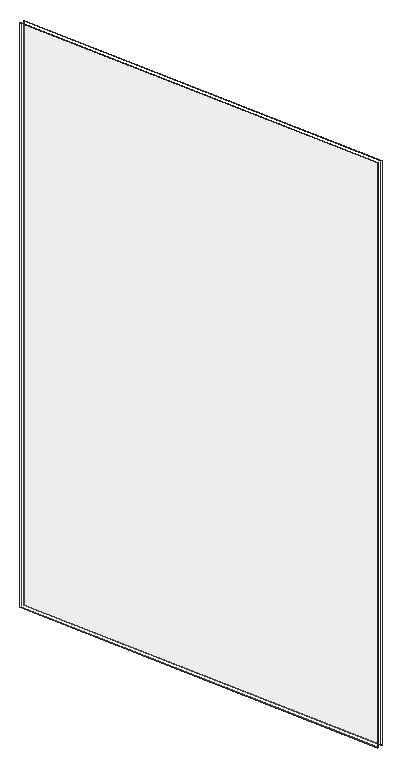
Revit family "Building-Materials_Glass-Glazing_Vitro-Architectural-Glass_SUNGATE-400", category Curtain Panels, Revit 2026
Family settings
  Classification Number = 23.25.20.14.11.11.17
  Always vertical = Yes
  Cut with Voids When Loaded = No
  Shared = No
Parameters (values of type "Sungate 400 (2) Starphire + Starphire")
  Visual Light Transmittance = if(Glass Code = 1, 0.58, if(Glass Code = 2, 0.59, if(Glass Code = 3, 0.76, if(Glass Code = 4, 0.08, if(Glass Code = 5, 0.54, if(Glass Code = 6, 0.37, if(Glass Code = 7, 0.48, if(Glass Code = 8, 0.46, if(Glass Code = 9, 0.38, if(Glass Code = 10, 0.66, if(Glass Code = 11, 0.76, if(Glass Code = 12, 0.8, 0))))))))))))  # 0.8
  UV Light Transmittance = 0.39
  URL = "https://www.vitroglazings.com/"
  U-Value Argon (Winter Night) = 0.2800 BTU/(h·ft²·°F)
  U-Value Argon (Summer Day) = 0.2600 BTU/(h·ft²·°F)
  U-Value Air (Winter Night) = 0.3200 BTU/(h·ft²·°F)
  U-Value Air (Summer Day) = 0.3100 BTU/(h·ft²·°F)
  Total Thickness = Airspace Thickness + [1st Lite Thickness] + [2nd Lite Thickness]  # 0' - 1"
  Thermal Resistance (R) = 8.3333 (h·ft²·°F)/BTU  # constant formula
  Solar Light Transmittance = 0.65
  Solar Heat Gain Coefficient = if(Glass Code = 1, 0.35, if(Glass Code = 2, 0.34, if(Glass Code = 3, 0.63, if(Glass Code = 4, 0.15, if(Glass Code = 5, 0.46, if(Glass Code = 6, 0.3, if(Glass Code = 7, 0.42, if(Glass Code = 8, 0.44, if(Glass Code = 9, 0.39, if(Glass Code = 10, 0.44, if(Glass Code = 11, 0.6, if(Glass Code = 12, 0.68, 0))))))))))))  # 0.68
  Shadow Coefficient = 0.78
  Reflectance (Visible Interior) = 14
  Reflectance (Visible Exterior) = 14
  Product data url = "https://www.bimobject.com/vitroarchictecturalglass/product/sungate-400-glass"
  Product Page URL = "https://www.vitroglazings.com/products/low-e-glass/sungate-400-glass/"
  Product Guid = "95ddba30-f4e3-49e2-a1af-625feb5badd1"
  Model = "Sungate 400 (2) Starphire + Starphire"
  Manufacturer = "Vitro Architectural Glass "  # constant formula
  Light to Solar Gain = 1.18
  Keynote = "08900"  # constant formula
  Interior Glass Material = Vitro Architectural-Glass - Starphire
  ISO Damage Weighted Transmittance = 0.675
  Heat Transfer Coefficient (U) = 0.2900 BTU/(h·ft²·°F)  # constant formula
  Glass Code = 12
  Finish = "Glass"  # constant formula
  Exterior Glass Material = Vitro Architectural-Glass - Sungate 400 (2) Starphire
  Description = "Manufactured with a magnetron sputtered vacuum deposition (MSVD) “soft coat,” Sungate® 400 glass helps buildings harvest energy from the sun and retain solar and furnace heat to reduce winter heating costs. Sungate® 400 delivers a winter U-value that is 9 percent higher than passive low‑e glasses manufactured with a “hard” pyrolytic coating."  # constant formula
  Define Thermal Properties by = Schematic Type
  Assembly Code = "B2020220"
  Analytic Construction = "Low-E double glazing (1/4 in + 1/4 in)"
  Airspace Thickness = 0' - 0 1/2"  # constant formula
  2nd Lite Thickness = 0' - 0 1/4"  # constant formula
  1st Lite Thickness = 0' - 0 1/4"  # constant formula
Types (12): name | Visual Light Transmittance | UV Light Transmittance | Solar Light Transmittance | Solar Heat Gain Coefficient | Shadow Coefficient | Reflectance (Visible Interior) | Reflectance (Visible Exterior) | Model | Light to Solar Gain | Interior Glass Material | ISO Damage Weighted Transmittance | Glass Code | Exterior Glass Material
  Sungate 400 (2) Clear + Clear | 0.76 | 0.28 | 0.51 | 0.6 | 0.69 | 14 | 14 | "Sungate 400 (2) Clear + Clear" | 1.27 | Vitro Architectural-Glass - Clear | 0.614 | 11 | Vitro Architectural-Glass - Sungate 400 (2) Clear
  Clear + Sungate 400 (3) Clear | 0.76 | 0.28 | 0.51 | 0.63 | 0.73 | 14 | 14 | "Clear + Sungate 400 (3) Clear" | 1.21 | Vitro Architectural-Glass - Sungate 400 (3) Clear | 0.614 | 3 | Vitro Architectural-Glass - Clear
  Sungate 400 (2) Starphire + Starphire | 0.8 | 0.39 | 0.65 | 0.68 | 0.78 | 14 | 14 | "Sungate 400 (2) Starphire + Starphire" | 1.18 | Vitro Architectural-Glass - Starphire | 0.675 | 12 | Vitro Architectural-Glass - Sungate 400 (2) Starphire
  Solexia + Sungate 400 (3) Clear | 0.66 | 0.15 | 0.33 | 0.44 | 0.5 | 13 | 11 | "Solexia + Sungate 400 (3) Clear" | 1.5 | Vitro Architectural-Glass - Sungate 400 (3) Clear | 0.5 | 10 | Vitro Architectural-Glass - Solexia
  Atlantica + Sungate 400 (3) Clear | 0.58 | 0.08 | 0.25 | 0.35 | 0.4 | 12 | 9 | "Atlantica + Sungate 400 (3) Clear" | 1.66 | Vitro Architectural-Glass - Sungate 400 (3) Clear | 0.409 | 1 | Vitro Architectural-Glass - Atlantica
  Azuria + Sungate 400 (3) Clear | 0.59 | 0.2 | 0.25 | 0.34 | 0.39 | 12 | 10 | "Azuria + Sungate 400 (3) Clear" | 1.74 | Vitro Architectural-Glass - Sungate 400 (3) Clear | 0.505 | 2 | Vitro Architectural-Glass - Azuria
  Solarbronze + Sungate 400 (3) Clear | 0.46 | 0.12 | 0.32 | 0.44 | 0.5 | 12 | 8 | "Solarbronze + Sungate 400 (3) Clear" | 1.05 | Vitro Architectural-Glass - Sungate 400 (3) Clear | 0.34 | 8 | Vitro Architectural-Glass - Solarbronze
  Solargray + Sungate 400 (3) Clear | 0.38 | 0.12 | 0.27 | 0.39 | 0.44 | 12 | 7 | "Solargray + Sungate 400 (3) Clear" | 0.97 | Vitro Architectural-Glass - Sungate 400 (3) Clear | 0.316 | 9 | Vitro Architectural-Glass - Solargray
  Graylite II + Sungate 400 (3) Clear | 0.08 | 0.01 | 0.05 | 0.15 | 0.17 | 11 | 4 | "Graylite II + Sungate 400 (3) Clear" | 0.53 | Vitro Architectural-Glass - Sungate 400 (3) Clear | 0.06 | 4 | Vitro Architectural-Glass - Graylite II
  Solarblue + Sungate 400 (3) Clear | 0.48 | 0.15 | 0.31 | 0.42 | 0.49 | 12 | 8 | "Solarblue + Sungate 400 (3) Clear" | 1.14 | Vitro Architectural-Glass - Sungate 400 (3) Clear | 0.429 | 7 | Vitro Architectural-Glass - Solarblue
  Pacifica + Sungate 400 (3) Clear | 0.37 | 0.07 | 0.19 | 0.3 | 0.34 | 11 | 7 | "Pacifica + Sungate 400 (3) Clear" | 1.23 | Vitro Architectural-Glass - Sungate 400 (3) Clear | 0.337 | 6 | Vitro Architectural-Glass - Pacifica
  Optigray + Sungate 400 (3) Clear | 0.54 | 0.16 | 0.34 | 0.46 | 0.52 | 12 | 9 | "Optigray + Sungate 400 (3) Clear" | 1.17 | Vitro Architectural-Glass - Sungate 400 (3) Clear | 0.428 | 5 | Vitro Architectural-Glass - Optigray
Reference planes (in)
  plane 1 "Front": y = 0
  plane 2: z = 0
  plane 3 "Center (Left/Right)": x = 0
  plane 4 "Left": x = -32.75106
  plane 5 "Right": x = 32.75106
  plane 6 "Top": z = 96
  plane 7: y = 0.25
  plane 8: y = -0.25
Forms (in)
  Extrusion 1, solid, material "Vitro Architectural-Glass - Starphire" <- "Interior Glass Material"
    sketch origin (0, 0.5, 0) x (1, 0, 0) y (0, 1, 0)
      loop
        line (-32.75106, 0) -> (-32.75106, -0.25) -> (32.75106, -0.25) -> (32.75106, 0) -> (-32.75106, 0)
    from 0 to 96
  Extrusion 2, solid, material "Vitro Architectural-Glass - Sungate 400 (2) Starphire" <- "Exterior Glass Material"
    sketch origin (0, -0.5, 0) x (1, 0, 0) y (0, 1, 0)
      loop
        line (-32.75106, 0.25) -> (-32.75106, 0) -> (32.75106, 0) -> (32.75106, 0.25) -> (-32.75106, 0.25)
    from 0 to 96
Text (in)
  text "Exterior" at (-54.29358, 31.38743, 0), in view "Ref. Level"
  text "Exterior" at (480, 41.53993, 89.60405), in view "Right"
  text "Exterior" at (-240, 57.82419, 105.78864), in view "Left"
Dimensions and locks (in)
  equal spacing: plane 4 "Left", plane 3 "Center (Left/Right)", plane 5 "Right"
  "2nd Lite Thickness": Extrusion 2 sketch curve to Extrusion 2 sketch curve
  equal spacing: plane 7, plane 1 "Front", plane 8
  "Airspace Thickness": plane 7 to plane 8
  "1st Lite Thickness": Extrusion 1 sketch curve to plane 7
  "Total Thickness": Extrusion 2 to Extrusion 1
  aligned and locked: level to plane 2
  aligned and locked: Extrusion 1 sketch curve to plane 4 "Left"
  aligned and locked: plane 5 "Right" to Extrusion 1 sketch curve
  aligned and locked: plane 5 "Right" to Extrusion 2 sketch curve
  aligned and locked: Extrusion 2 sketch curve to plane 4 "Left"
  aligned and locked: Extrusion 1 to plane 6 "Top"
  aligned and locked: Extrusion 1 to level
  aligned and locked: Extrusion 2 to plane 6 "Top"
  aligned and locked: Extrusion 2 to level
  aligned and locked: plane 8 to Extrusion 2
  aligned and locked: plane 7 to Extrusion 1 sketch curve
  aligned and locked: Extrusion 2 sketch curve to plane 8
